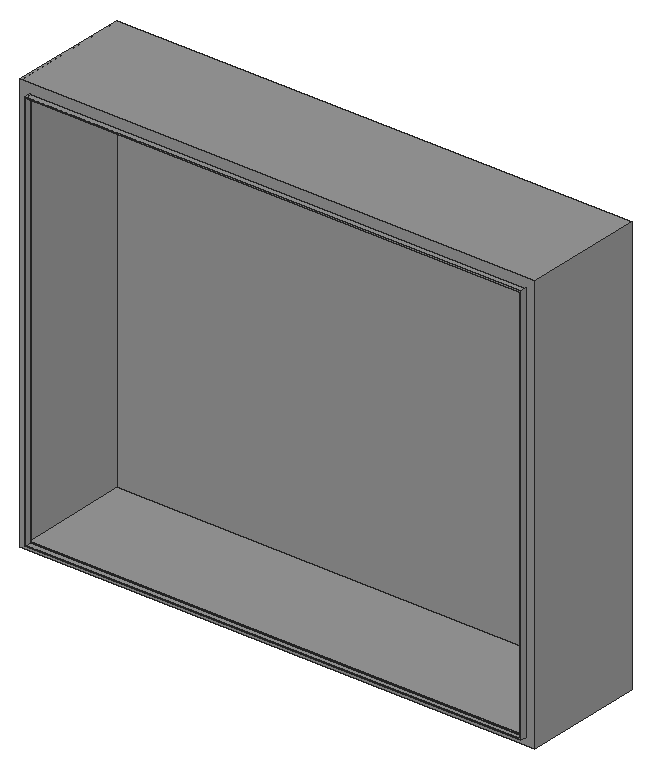
Revit family "Hager-Univers-IP30-D205-H650-Cl.II-Encl-NoHosted-NL-en", category Equipement électrique, Revit 2020
Family settings
  Configuration du panneau = Deux colonnes, circuits au sein
  Cote de connecteur circulaire = Utiliser le diamètre
  Type d'élément = Tableau de raccordement
  Basée sur le plan de construction = Oui
  Toujours verticalement = Oui
  Couper avec des vides une fois chargée = Non
  Partagée = Non
  Point de calcul de pièce = Non
Parameters (values of type "Surface mounted (plaster) IP30 W800 H650 D205  - FP43Q1S")
  Width Control [instance] = if([EF000008 - Width] > Min Width, [EF000008 - Width], Min Width)  # 800 mm
  Commentaires du type = [HG000003 - Range]  # "Univers"
  Thickness Door [instance] = if([EF009171 - Material plate thickness door/cover] > 3 mm, 3 mm, [EF009171 - Material plate thickness door/cover])  # 1 mm
  Seal Frame Offset [instance] = 17 mm  # constant formula
  Plinth Visibility [instance] = [HG000027 - Plinth height] > 0 mm  # no
  Min Width [instance] = 100 mm  # constant formula
  Min Depth [instance] = (2 * [EF009170 - Material plate thickness cabinet]) + 1 mm  # 3 mm
  Min Height [instance] = 100 mm  # constant formula
  Internal Frame Depth [instance] = (Door System Depth * 0.5)  # 9 mm
  Panel Name [instance] = ""  # (empty or 0)
  Model = ""
  HG000027 - Plinth height = 0 mm
  HG000026 - Floor standing = no
  HG000024 - Bottom section height = 600 mm
  HG000023 - Double section enclosure = no
  HG000016 - Door 3d visibility [instance] = yes
  HG000015 - Clearance visibility [instance] = no
  HG000014 - Door on the right [instance] = yes
  HG000013 - Door on the left [instance] = not([HG000014 - Door on the right])  # no
  HG000012 - Door swing angle [instance] = 30.00°
  HG000010 - Asymmetric doors = no
  HG000009 - Double swing door = no
  HG000006 - Flush mounted = no
  HG000004 - Manufacturer reference = "FP43Q1S"
  HG000003 - Range = "Univers"
  HG000002 - With door or cover = no
  Frame Offset Bottom [instance] = 10 mm  # constant formula
  Frame Offset [instance] = 15 mm  # constant formula
  EF015940 - Cover with overpressure release = no
  EF011959 - Degree of protection (NEMA) = ""
  EF009554 - Number of openings for flange plates = 6
  EF009212 - Cover model = "EV009916 - With notch"
  EF009171 - Material plate thickness door/cover = 1 mm
  EF009170 - Material plate thickness cabinet = 1 mm
  EF008873 - Nominal current (In) = 250 A
  EF007800 - Suitable for lightning protection = no
  EF006306 - With lock = no
  EF006244 - Transparent cover/door = no
  EF005474 - Degree of protection (IP) = "EV006410 - IP30"
  EF004464 - Type of door = "EV000494 - None"
  EF004427 - Number of modules = 144
  EF004293 - Impact strength = "EV006813 - IK07"
  EF003532 - Suitable for outdoor use = no
  EF002950 - Width in number of modular spacings = 36
  EF001613 - Circuit integrity = "EV000494 - None"
  EF001596 - Material housing = "EV000179 - Steel"
  EF001131 - Internal depth = 130 mm
  EF001088 - Extension possible = yes
  EF000437 - Number of conduit inlets = 6
  EF000339 - Type of cover = "EV000494 - None"
  EF000266 - Number of rows = 4
  EF000218 - Built-in depth = 0 mm
  EF000118 - With mounting plate = no
  EF000116 - RAL-number = "9010"
  EF000049 - Depth = 205 mm
  EF000040 - Height = 650 mm
  EF000008 - Width = 800 mm
  EF000007 - Colour = "EV000202 - White"
  EF000003 - Mounting method = "EV000384 - Surface mounted (plaster)"
  Door System Leaf Tolerance [instance] = 1.5 mm  # constant formula
  Door System Depth [instance] = 18 mm  # constant formula
  Door Height [instance] = Height Control - [HG000027 - Plinth height]  # 650 mm
  Description = ""
  Default Elevation = 1219.2 mm
  Connector Offset [instance] = Height Control / 2  # 325 mm
  Fabricant = "Hager"  # constant formula
  Height Control [instance] = if([EF000040 - Height] > Min Height, [EF000040 - Height], Min Height)  # 650 mm
  Depth Control [instance] = if([EF000049 - Depth] > Min Depth, [EF000049 - Depth], Min Depth)  # 205 mm
  Bottom Top Plate Trim [instance] = 1.5 mm  # constant formula
  Plinth height Ctrl [instance] = if([HG000027 - Plinth height] > 0 mm, [HG000027 - Plinth height], 12 mm)  # 12 mm
Types (5, lengths in mm): name | Width Control | HG000004 - Manufacturer reference | EF009554 - Number of openings for flange plates | EF004427 - Number of modules | EF002950 - Width in number of modular spacings | EF000437 - Number of conduit inlets | EF000008 - Width
  Surface mounted (plaster) IP30 W1050 H650 D205  - FP44Q1S | 1050 | "FP44Q1S" | 8 | 192 | 48 | 8 | 1050
  Surface mounted (plaster) IP30 W1300 H650 D205  - FP45Q1S | 1300 | "FP45Q1S" | 10 | 240 | 60 | 10 | 1300
  Surface mounted (plaster) IP30 W300 H650 D205  - FP41Q1S | 300 | "FP41Q1S" | 2 | 48 | 12 | 2 | 300
  Surface mounted (plaster) IP30 W550 H650 D205  - FP42Q1S | 550 | "FP42Q1S" | 4 | 96 | 24 | 4 | 550
  Surface mounted (plaster) IP30 W800 H650 D205  - FP43Q1S | 800 | "FP43Q1S" | 6 | 144 | 36 | 6 | 800
Reference planes
  plane 1 "Center (Front/Back)": y = 0
  plane 2: z = 0
  plane 3 "Center (Left/Right)": x = 0
  plane 4: y = 0
  plane 5: y = 0
  plane 6: z = 0
  plane 7: x = -400
  plane 8: x = 400
  plane 9: x = 399
  plane 10: x = -399
  plane 11: z = 0
  plane 12: z = 1
  plane 13: y = -205
  plane 14: y = -1
  plane 15: x = 0
  plane 16: y = -187
  plane 17: y = -204
  plane 18: y = -186
  plane 19: x = -384
  plane 20: x = 384
  plane 21: z = 11
  plane 22: x = -383
  plane 23: x = 383
  plane 24: z = 0
  plane 25: z = 650
  plane 26: z = 650
  plane 27: z = 634
  plane 28: z = 649
Forms (mm)
  Extrusion 1, solid, material "Hager_Steel_RAL7035_Light_Grey", detail levels medium+fine
    sketch origin (-208.679, -4572, 0) x (-1, 0, 0) y (0, -1, 0)
      loop
        line (191.321, -4385) -> (-608.679, -4385) -> (-608.679, -4572) -> (191.321, -4572) -> (191.321, -4385)
    from 0 to 650
  Extrusion 2, void
    sketch origin (-350.771, -205, 1219.2) x (1, 0, 0) y (0, 0, 1)
      loop
        line (-48.229, -570.2) -> (-48.229, -1218.2) -> (749.771, -1218.2) -> (749.771, -570.2) -> (-48.229, -570.2)
    from -19 to -204
  Extrusion 3, void
    sketch origin (-290.084, -187, 1219.2) x (1, 0, 0) y (0, 0, 1)
      loop
        line (-93.916, -1208.2) -> (674.084, -1208.2) -> (674.084, -585.2) -> (-93.916, -585.2) -> (-93.916, -1208.2)
    from 0 to -1
  Extrusion 4, solid, material "Hager_Steel_RAL7035_Light_Grey", visible <- "Plinth Visibility", detail levels medium+fine
    sketch origin (0, 0, 0) x (1, 0, 0) y (0, 1, 0)
      loop
        line (-400, 0) -> (-400, -187) -> (400, -187) -> (400, 0) -> (-400, 0)
    from 0 to 12 <- "Plinth height Ctrl"
  Extrusion 5, solid, material "Hager_Steel_RAL7035_Light_Grey", detail levels coarse
    sketch origin (0, 0, 0) x (1, 0, 0) y (0, 1, 0)
      loop
        line (-400, 0) -> (-400, -205) -> (400, -205) -> (400, 0) -> (-400, 0)
    from 0 to 650 <- "Height Control"
  Sweep 6, void
    path in 3D
      loop
        line (-400, -187, 12) -> (400, -187, 12) -> (400, 0, 12) -> (-400, 0, 12) -> (-400, -187, 12)
    profile origin (-400, -93.5, 12) x (1, 0, 0) y (0, 0, 1)
      loop
        line (0, 0) -> (0, -1.5) -> (1.5, -1.5)
        arc (1.5, -1.5) -> (1.061, -0.439) -> (0, 0) r 1.5
  Extrusion 7, solid, material "Hager_Steel_RAL7035_Light_Grey", detail levels fine
    sketch origin (-400, -187, 0) x (1, 0, 0) y (0, 0, 1)
      loop
        line (16, 11) -> (784, 11) -> (784, 634) -> (16, 634) -> (16, 11)
      loop
        line (15, 10) -> (785, 10) -> (785, 635) -> (15, 635) -> (15, 10)
    from 0 to 9 <- "Internal Frame Depth"
Cuts and joins
  Extrusion 2, Extrusion 3 cuts Extrusion 1
  Sweep 6 cuts Extrusion 4
Lines and regions (mm)
  Masking region 1
    outline origin (0, 0, 0) x (1, 0, 0) y (0, 1, 0)
      loop
        line (-400, 0) -> (-400, -205) -> (400, -205) -> (400, 0) -> (-400, 0)
  Masking region 2, detail levels coarse
    outline origin (-290.084, -187, 1219.2) x (-1, 0, 0) y (0, 0, 1)
      loop
        line (-690.084, -1219.2) -> (109.916, -1219.2) -> (109.916, -569.2) -> (-690.084, -569.2) -> (-690.084, -1219.2)
  Masking region 3, detail levels coarse
    outline origin (0, 0, 0) x (0, 1, 0) y (0, 0, 1)
      loop
        line (0, 0) -> (0, 650) -> (-205, 650) -> (-205, 0) -> (0, 0)
  Masking region 4, visible <- "Plinth Visibility", detail levels medium+fine
    outline origin (0, 0, 0) x (0, 1, 0) y (0, 0, 1)
      loop
        line (-1.5, 12) -> (-185.5, 12)
        arc (-185.5, 12) -> (-185.939, 10.939) -> (-187, 10.5) r 1.5
        line (-187, 10.5) -> (-187, 0) -> (0, 0) -> (0, 10.5)
        arc (0, 10.5) -> (-1.061, 10.939) -> (-1.5, 12) r 1.5
  Masking region 5, detail levels medium+fine
    outline origin (0, 0, 594.038) x (0, 1, 0) y (0, 0, 1)
      loop
        line (0, -594.038) -> (0, 55.962) -> (-187, 55.962) -> (-187, -594.038) -> (0, -594.038)
  Masking region 6, detail levels medium+fine
    outline origin (-359.7, -187, 1211.883) x (-1, 0, 0) y (0, 0, 1)
      loop
        line (-759.7, -1211.883) -> (40.3, -1211.883) -> (40.3, -561.883) -> (-759.7, -561.883) -> (-759.7, -1211.883)
  Masking region 7, visible <- "Plinth Visibility", detail levels medium+fine
    outline origin (-320.334, -187, 1041.368) x (-1, 0, 0) y (0, 0, 1)
      loop
        line (-720.334, -1041.368) -> (79.666, -1041.368) -> (79.666, -1030.868)
        arc (79.666, -1030.868) -> (78.606, -1030.429) -> (78.166, -1029.368) r 1.5
        line (78.166, -1029.368) -> (-718.834, -1029.368)
        arc (-718.834, -1029.368) -> (-719.273, -1030.429) -> (-720.334, -1030.868) r 1.5
        line (-720.334, -1030.868) -> (-720.334, -1041.368)
  sketch lines
    curve 1: line (-400, 0, 12) -> (-400, -187, 12)
    curve 2: line (-400, -187, 12) -> (400, -187, 12)
    curve 3: line (400, 0, 12) -> (-400, 0, 12)
    curve 4: line (400, -187, 12) -> (400, 0, 12)
Dimensions and locks
  locked: plane 1 "Center (Front/Back)" to plane 5
  "EF009170 - Material plate thickness cabinet": plane 7 to plane 10
  "EF009170 - Material plate thickness cabinet": plane 8 to plane 9
  equal spacing: plane 7, plane 3 "Center (Left/Right)", plane 8
  "Width Control": plane 7 to plane 8
  "Depth Control": plane 4 to plane 13
  "EF009170 - Material plate thickness cabinet": plane 4 to plane 14
  "Height Control": plane 25 to level
  "HG000027 - Plinth height": plane 11 to level
  "EF009170 - Material plate thickness cabinet": plane 12 to plane 11
  "EF009170 - Material plate thickness cabinet": plane 17 to plane 13
  "EF009170 - Material plate thickness cabinet": plane 18 to plane 16
  "Frame Offset Bottom": plane 21 to plane 12
  "Frame Offset": plane 10 to plane 19
  "Frame Offset": plane 9 to plane 20
  "Door System Depth": plane 16 to plane 13
  "Seal Frame Offset": plane 7 to plane 22
  "Seal Frame Offset": plane 8 to plane 23
  "EF009170 - Material plate thickness cabinet": plane 26 to plane 28
  "Frame Offset": plane 28 to plane 27
  "Connector Offset": plane 2 to connector elem
  "Bottom Top Plate Trim": profile plane to Sweep 6 sketch curve
  "Bottom Top Plate Trim": Sweep 6 sketch curve to Sweep 6 sketch curve
  "Plinth height Ctrl": Masking region 4 sketch curve to level
  "Plinth height Ctrl": Masking region 7 sketch curve to level
  "Thickness Door": Extrusion 7 sketch curve to Extrusion 7 sketch curve  (x4)
  "Bottom Top Plate Trim": radius of Sweep 6 sketch curve
  "Bottom Top Plate Trim": radius of Masking region 4 sketch curve  (x2)
  "Bottom Top Plate Trim": radius of Masking region 7 sketch curve  (x2)
  aligned and locked: Extrusion 2 sketch curve to plane 12
  aligned and locked: Extrusion 2 sketch curve to plane 9
  aligned and locked: Extrusion 2 sketch curve to plane 10
  aligned and locked: Extrusion 2 to plane 14
  aligned and locked: Extrusion 1 sketch curve to plane 4
  aligned and locked: plane 8 to Extrusion 1 sketch curve
  aligned and locked: plane 7 to Extrusion 1 sketch curve
  aligned and locked: Extrusion 2 to plane 18
  aligned and locked: Extrusion 3 sketch curve to plane 19
  aligned and locked: plane 20 to Extrusion 3 sketch curve
  aligned and locked: Extrusion 3 to Extrusion 2
  aligned and locked: Extrusion 3 sketch curve to plane 21
  aligned and locked: plane 3 "Center (Left/Right)" to nested 1
  aligned and locked: Extrusion 1 sketch curve to plane 16
  aligned and locked: Extrusion 4 sketch curve to cut or joined group of Extrusion 1, Extrusion 2, Extrusion 3
  aligned and locked: Masking region 1 sketch curve to plane 7
  aligned and locked: Masking region 1 sketch curve to plane 5
  aligned and locked: Masking region 1 sketch curve to plane 8
  aligned and locked: Masking region 2 sketch curve to level
  aligned and locked: level to Masking region 3 sketch curve
  aligned and locked: plane 1 "Center (Front/Back)" to Masking region 3 sketch curve
  aligned and locked: plane 13 to Masking region 3 sketch curve
  aligned and locked: plane 5 to Masking region 4 sketch curve
  aligned and locked: Masking region 2 sketch curve to plane 8
  aligned and locked: Masking region 2 sketch curve to plane 7
  aligned and locked: plane 7 to nested 2
  aligned and locked: nested 2 to plane 5
  aligned and locked: plane 5 to Masking region 5 sketch curve
  aligned and locked: plane 26 to Masking region 5 sketch curve
  aligned and locked: Extrusion 5 sketch curve to plane 8
  aligned and locked: Extrusion 5 sketch curve to plane 7
  aligned and locked: Extrusion 5 sketch curve to plane 5
  aligned and locked: Extrusion 3 sketch curve to plane 27
  aligned and locked: Extrusion 2 sketch curve to plane 28
  aligned and locked: Masking region 2 to plane 25
  aligned and locked: Extrusion 4 to plane 16
  aligned and locked: profile plane to Sweep 6 sketch curve
  aligned and locked: Masking region 5 sketch curve to plane 24
  aligned and locked: level to Masking region 4 sketch curve
  aligned and locked: Masking region 1 to plane 13
  aligned and locked: nested 1 to plane 16
  aligned and locked: Masking region 3 to plane 25
  aligned and locked: plane 16 to Masking region 4 sketch curve
  aligned and locked: Masking region 5 sketch curve to plane 16
  aligned and locked: plane 24 to plane 11
  aligned and locked: plane 26 to plane 25
  aligned and locked: plane 26 to cut or joined group of Extrusion 1, Extrusion 2, Extrusion 3
  aligned and locked: nested 1 to plane 24
  aligned and locked: Extrusion 1 to Extrusion 3
  aligned and locked: Masking region 6 sketch curve to plane 8
  aligned and locked: Masking region 6 sketch curve to plane 24
  aligned and locked: Masking region 6 sketch curve to plane 7
  aligned and locked: Masking region 6 sketch curve to plane 26
  aligned and locked: Masking region 7 sketch curve to plane 7
  aligned and locked: level to Masking region 7 sketch curve
  aligned and locked: Masking region 7 sketch curve to plane 8
  aligned and locked: Extrusion 7 sketch curve to cut or joined group of Extrusion 1, Extrusion 2, Extrusion 3  (x4)
Automatic sketch dimensions
  plane 19 to Extrusion 3 sketch curve = 0 mm
  Extrusion 3 sketch curve to plane 20 = 0 mm
  Extrusion 3 sketch curve to plane 21 = 0 mm
  Extrusion 4 sketch curve to plane 7 = 0 mm
  Extrusion 4 sketch curve to plane 8 = 0 mm
  Extrusion 4 sketch curve to plane 16 = 0 mm
  Masking region 1 sketch curve to plane 13 = 0 mm
  Masking region 2 sketch curve to plane 25 = 0 mm
  Masking region 3 sketch curve to plane 25 = 0 mm
  Extrusion 5 sketch curve to plane 13 = 0 mm
  profile plane to Sweep 6 sketch curve = 0 mm
Nested families
  nested 1: "EC000058_Univers_Door" at (0, -187, 0), Double <- "HG000009 - Double swing door", Transparent <- "EF006244 - Transparent cover/door", Angle <- "HG000012 - Door swing angle", Door_Right <- "HG000014 - Door on the right", Assymetrical <- "HG000010 - Asymmetric doors", Door <- "HG000002 - With door or cover", Width_Ctrl <- "Width Control", 3d_Door <- "HG000016 - Door 3d visibility", Clearance <- "HG000015 - Clearance visibility", Door_Left <- "HG000013 - Door on the left", Width <- "Width Control", Door_Depth <- "Door System Depth", Leaf_Tolerance <- "Door System Leaf Tolerance", Height <- "Door Height", Lock_Visibility <- "EF006306 - With lock", Thickness <- "Thickness Door", type "EC000058_Univers_Door", detail levels medium+fine
    with min_wh 3 mm, Width_Ctrl 800 mm, Width 800 mm, Transparent no, Thickness 1 mm, Seal_Material Hager_Rubber, Lock_Visibility no, Lock_Material Hager_Plastic_RAL9005_Jet_Black, Leaf_Width 800 mm, Leaf_Tolerance_External_Sides 0 mm, Leaf_Tolerance 1.5 mm, Leaf_Offset 0 mm, Leaf_Height 647 mm, Leaf_2_Width 800 mm, Leaf_2_Offset 400 mm, Leaf_1_Width 800 mm, Leaf_1_Offset 400 mm, Height_Ctrl 650 mm, Height 650 mm, Glass_Material Hager_Glass, Double_Clearance_Ctrl no, Double no, Door_Right_Ctrl no, Door_Right yes, Door_Material Hager_Steel_RAL7035_Light_Grey, Door_Left_Ctrl no, Door_Left no, Door_Depth 18 mm, Door no, Clearance_Material Hager_Clearance, Clearance_Depth 800 mm, Clearance_Ctrl no, Clearance no, Assymetrical no, Angle 30.00°, 3d_Door yes
  nested 2: "Hager_Enclosure_Symbol" at (-400, 0, 0), Height <- "Depth Control", Width <- "Width Control", type "Hager_Enclosure_Symbol"
    with Width_Ctrl 800 mm, Width 800 mm, Height_Ctrl 205 mm, Height 205 mm, A_Width_Int 13.453 mm, A_Width 161.438 mm, A_Height_Ctrl 179.375 mm, A_Height 179.375 mm
Connectors
  electrical at (0, 0, 325)
    settings: on plane 1 "Center (Front/Back)", index 1, voltage 0 V, apparent load 0 VA, apparent load phase1 0 VA, apparent load phase2 0 VA, apparent load phase3 0 VA, power factor 1, load classification "Other", number of poles 1, system type 30, power factor state 1, is connector primary yes, connector utility no, sub classification motor no, connector description ""
Definition of nested family "EC000058_Univers_Door"
  Parameters (values of type "EC000058_Univers_Door")
    min_wh [instance] = (2 * Thickness) + 1 mm  # 11 mm
    Width_Ctrl [instance] = 400 mm
    Width [instance] = 500 mm
    Transparent [instance] = yes
    Thickness [instance] = 5 mm
    Seal_Material [instance] = none
    Lock_Visibility [instance] = yes
    Lock_Material [instance] = none
    Leaf_Width [instance] = if((Width_Ctrl - 2 * Leaf_Tolerance_External_Sides) > 0 mm, (Width_Ctrl - 2 * Leaf_Tolerance_External_Sides), min_wh)  # 400 mm
    Leaf_Tolerance_External_Sides [instance] = 0 mm  # constant formula
    Leaf_Tolerance [instance] = 1.5 mm
    Leaf_Offset [instance] = 0 mm  # constant formula
    Leaf_Height [instance] = if((Height_Ctrl - 2 * Leaf_Tolerance) > 0 mm, (Height_Ctrl - 2 * Leaf_Tolerance), min_wh)  # 497 mm
    Leaf_2_Width [instance] = if(and(and(Double, Assymetrical), Door_Left), (Leaf_Width / 3) - (Leaf_Tolerance / 2), if(and(and(Double, Assymetrical), Door_Right), (Leaf_Width / 3) * 2 - (Leaf_Tolerance / 2), if(and(Double, not(Assymetrical)), (Leaf_Width / 2) - Leaf_Tolerance, Leaf_Width)))  # 400 mm
    Leaf_2_Offset [instance] = if(and(Double, Assymetrical), Leaf_2_Width / 2, if(and(Double, not(Assymetrical)), Leaf_Width / 4, Leaf_Width / 2))  # 200 mm
    Leaf_1_Width [instance] = if(and(and(Double, Assymetrical), Door_Right), (Leaf_Width / 3) - (Leaf_Tolerance / 2), if(and(and(Double, Assymetrical), Door_Left), (Width / 3) * 2 - (Leaf_Tolerance / 2), if(and(Double, not(Assymetrical)), (Leaf_Width / 2) - Leaf_Tolerance, Leaf_Width)))  # 400 mm
    Leaf_1_Offset [instance] = if(and(Double, Assymetrical), Leaf_1_Width / 2, if(and(Double, not(Assymetrical)), Leaf_Width / 4, Leaf_Width / 2))  # 200 mm
    Height_Ctrl [instance] = if(Height > min_wh, Height, min_wh)  # 500 mm
    Height [instance] = 500 mm
    Glass_Material [instance] = none
    Double_Clearance_Ctrl [instance] = and(Double, Clearance)  # no
    Double [instance] = no
    Door_Right_Ctrl [instance] = and(or(Door_Right, Double), Door)  # yes
    Door_Right [instance] = yes
    Door_Material [instance] = none
    Door_Left_Ctrl [instance] = and(or(Door_Left, Double), Door)  # no
    Door_Left [instance] = no
    Door_Depth [instance] = 30 mm
    Door [instance] = yes
    Default Elevation = 1219.2 mm
    Clearance_Material [instance] = none
    Clearance_Depth [instance] = if(Leaf_1_Width > Leaf_2_Width, Leaf_1_Width, Leaf_2_Width)  # 400 mm
    Clearance_Ctrl [instance] = and(not(Double), Clearance)  # yes
    Clearance [instance] = yes
    Assymetrical [instance] = yes
    Angle [instance] = 30.00°
    3d_Door [instance] = yes
  Reference planes
    plane 1 "Center (Front/Back)": y = 0
    plane 2 "Bottom": z = 0
    plane 3 "Center (Left/Right)": x = 0
    plane 4: z = 500
    plane 5: x = -200
    plane 6: x = 200
    plane 7: z = 500
    plane 8: x = -200
    plane 9: z = 0
    plane 10: x = 200
    plane 11: y = 0
    plane 12: z = 1.5
    plane 13: x = -600
    plane 14: y = -400
    plane 15: x = 600
    plane 16: x = 0
    plane 17: x = 0
    plane 18: x = -200
    plane 19: x = 200
    plane 20: z = 498.5
  Forms (mm)
    Extrusion 1, solid, material <- "Clearance_Material", visible <- "Double_Clearance_Ctrl"
      sketch origin (1200, 0, 0) x (1, 0, 0) y (0, 0, -1)
        loop
          line (-1800, -498.5) -> (-600, -498.5) -> (-600, 0) -> (-1800, 0) -> (-1800, -498.5)
      from 0 to -400
  Dimensions and locks
    equal spacing: plane 5, plane 3 "Center (Left/Right)", plane 6
    "Width_Ctrl": plane 5 to plane 6
    "Leaf_Offset": plane 5 to plane 8
    "Leaf_Offset": plane 6 to plane 10
    "Leaf_Offset": plane 9 to level
    "Leaf_Offset": plane 4 to plane 7
    "Height_Ctrl": plane 4 to level
    "Leaf_Tolerance": plane 12 to plane 9
    locked: plane 11 to plane 1 "Center (Front/Back)"
    "Leaf_1_Offset": plane 18 to plane 16
    "Leaf_2_Offset": plane 17 to plane 19
    "Leaf_1_Width": plane 13 to plane 8
    "Leaf_2_Width": plane 10 to plane 15
    "Clearance_Depth": plane 14 to plane 1 "Center (Front/Back)"
    "Leaf_Tolerance_External_Sides": plane 8 to plane 18
    "Leaf_Tolerance_External_Sides": plane 19 to plane 10
    "Leaf_Tolerance": plane 7 to plane 20
    aligned and locked: level to plane 2 "Bottom"
    aligned and locked: nested 1 to plane 16
    aligned and locked: nested 2 to plane 17
    aligned and locked: Extrusion 1 to plane 13
    aligned and locked: plane 15 to Extrusion 1
    aligned and locked: Extrusion 1 to plane 14
    aligned and locked: plane 12 to nested 1
    aligned and locked: nested 2 to plane 12
    aligned and locked: Extrusion 1 to plane 11
    aligned and locked: plane 20 to Extrusion 1
    aligned and locked: nested 2 to plane 11
    aligned and locked: nested 1 to plane 11
  Automatic sketch dimensions
    Extrusion 1 sketch curve to level = 0 mm
    plane 5 to Extrusion 1 sketch curve = 400 mm
    plane 6 to Extrusion 1 sketch curve = 400 mm
    Extrusion 1 sketch curve to plane 4 = 1.5 mm
  Nested families
    nested 1: "EC000058_Univers_Door_Leaf" at (0, 0, 1.5), Width <- "Leaf_1_Width", visible <- "Door_Left_Ctrl", Leaf_Height <- "Leaf_Height", Angle <- "Angle", 3d_Door <- "3d_Door", Transparent <- "Transparent", Clearance Material <- "Clearance_Material", Clearance <- "Clearance_Ctrl", Door_Material <- "Door_Material", Glass_Material <- "Glass_Material", Door_Depth <- "Door_Depth", Lock_Material <- "Lock_Material", Seal_Material <- "Seal_Material", Lock_Visibility <- "Lock_Visibility", Thickness <- "Thickness", type "EC000058_Univers_Door_Leaf"
      with Width 400 mm, Transparent_Glass_Offset 30 mm, Transparent_Ctrl yes, Transparent yes, Thickness 5 mm, Standard no, Seal_Material none, Seal_D2 8 mm, Seal_D1 1 mm, Offset_Internal_Frame 10 mm, Lock_Width 20 mm, Lock_Visibility_3d yes, Lock_Visibility yes, Lock_Thickness_3 3 mm, Lock_Thickness_2 1 mm, Lock_Thickness_1 3 mm, Lock_Radius_Offset_2 16 mm, Lock_Radius_Offset_1 15 mm, Lock_Radius_2 5 mm, Lock_Radius 6 mm, Lock_Offset 5 mm, Lock_Material none, Lock_Height 80 mm, Lock_Cover_Top_Offset_2d 17 mm, Lock_Cover_Height -65 mm, Leaf_Height 497 mm, Internal_Seal_Thickness 8 mm, Internal_Seal_Depth_2 4.5 mm, Internal_Frame_Depth 25 mm, Glass_Thickness -1 mm, Glass_Offset -2 mm, Glass_Material none, Door_Material none, Door_Depth 30 mm, Clearance Material none, Clearance yes, Angle_Ctrl 30.00°, Angle 30.00°, 3d_Door yes
    nested 2: "EC000058_Univers_Door_Leaf" at (0, 0, 1.5) x (-1, 0, 0) z (0, 0, 1), Width <- "Leaf_2_Width", visible <- "Door_Right_Ctrl", Leaf_Height <- "Leaf_Height", Angle <- "Angle", 3d_Door <- "3d_Door", Transparent <- "Transparent", Clearance Material <- "Clearance_Material", Clearance <- "Clearance_Ctrl", Door_Material <- "Door_Material", Glass_Material <- "Glass_Material", Door_Depth <- "Door_Depth", Lock_Material <- "Lock_Material", Seal_Material <- "Seal_Material", Lock_Visibility <- "Lock_Visibility", Thickness <- "Thickness", type "EC000058_Univers_Door_Leaf"
      with Width 400 mm, Transparent_Glass_Offset 30 mm, Transparent_Ctrl yes, Transparent yes, Thickness 5 mm, Standard no, Seal_Material none, Seal_D2 8 mm, Seal_D1 1 mm, Offset_Internal_Frame 10 mm, Lock_Width 20 mm, Lock_Visibility_3d yes, Lock_Visibility yes, Lock_Thickness_3 3 mm, Lock_Thickness_2 1 mm, Lock_Thickness_1 3 mm, Lock_Radius_Offset_2 16 mm, Lock_Radius_Offset_1 15 mm, Lock_Radius_2 5 mm, Lock_Radius 6 mm, Lock_Offset 5 mm, Lock_Material none, Lock_Height 80 mm, Lock_Cover_Top_Offset_2d 17 mm, Lock_Cover_Height -65 mm, Leaf_Height 497 mm, Internal_Seal_Thickness 8 mm, Internal_Seal_Depth_2 4.5 mm, Internal_Frame_Depth 25 mm, Glass_Thickness -1 mm, Glass_Offset -2 mm, Glass_Material none, Door_Material none, Door_Depth 30 mm, Clearance Material none, Clearance yes, Angle_Ctrl 30.00°, Angle 30.00°, 3d_Door yes
  Definition of nested family "EC000058_Univers_Door_Leaf"
    Parameters (values of type "EC000058_Univers_Door_Leaf")
      Width [instance] = 2000 mm
      Transparent_Glass_Offset [instance] = 30 mm
      Transparent_Ctrl [instance] = and(Transparent, [3d_Door])  # yes
      Transparent [instance] = yes
      Thickness [instance] = 5 mm
      Standard [instance] = and(not(Transparent), [3d_Door])  # no
      Seal_Material [instance] = none
      Seal_D2 [instance] = 8 mm  # constant formula
      Seal_D1 [instance] = 1 mm  # constant formula
      Offset_Internal_Frame [instance] = 10 mm  # constant formula
      Lock_Width [instance] = 20 mm  # constant formula
      Lock_Visibility_3d [instance] = and(Lock_Visibility, [3d_Door])  # yes
      Lock_Visibility [instance] = yes
      Lock_Thickness_3 [instance] = 3 mm  # constant formula
      Lock_Thickness_2 [instance] = 1 mm  # constant formula
      Lock_Thickness_1 [instance] = 3 mm  # constant formula
      Lock_Radius_Offset_2 [instance] = Lock_Radius_Offset_1 + 1 mm  # 16 mm
      Lock_Radius_Offset_1 [instance] = 15 mm  # constant formula
      Lock_Radius_2 [instance] = Lock_Radius - 1 mm  # 5 mm
      Lock_Radius [instance] = 6 mm  # constant formula
      Lock_Offset [instance] = 5 mm  # constant formula
      Lock_Material [instance] = none
      Lock_Height [instance] = 80 mm  # constant formula
      Lock_Cover_Top_Offset_2d [instance] = Lock_Radius_Offset_2 + 1 mm  # 17 mm
      Lock_Cover_Height [instance] = -(Lock_Height - Lock_Radius_Offset_1)  # -65 mm
      Leaf_Height [instance] = 2720.336 mm
      Internal_Seal_Thickness [instance] = 8 mm  # constant formula
      Internal_Seal_Depth_2 [instance] = 4.5 mm  # constant formula
      Internal_Frame_Depth [instance] = if(Door_Depth - Thickness > 5 mm, Door_Depth - Thickness, 5 mm)  # 25 mm
      Glass_Thickness [instance] = if(Thickness > 15 mm, Glass_Offset + 10 mm, -1 mm)  # -1 mm
      Glass_Offset [instance] = if(Thickness > 15 mm, -(Thickness + 10 mm) / 2, -2 mm)  # -2 mm
      Glass_Material [instance] = none
      Door_Material [instance] = none
      Door_Depth [instance] = 30 mm
      Default Elevation = 0 mm
      Clearance Material [instance] = none
      Clearance [instance] = yes
      Angle_Ctrl [instance] = if(Angle > 180.00°, 180.00°, Angle)  # 90.00°
      Angle [instance] = 90.00°
      3d_Door [instance] = yes
    Reference planes
      plane 1 "Center (Front/Back)": y = 0
      plane 2: z = 0
      plane 3 "Center (Left/Right)": x = 0
      plane 4: y = 2000
      plane 5: x = -1000
      plane 6: x = 1000
      plane 7: x = -3000
      plane 8: z = 2720.336
      plane 9: z = 30
      plane 10: z = 2690.336
      plane 11: x = 970
      plane 12: x = -970
      plane 13: y = -3
      plane 14: z = 107.833
      plane 15: y = -5
      plane 16: y = -223.314
      plane 17: x = -1000
      plane 18: z = 1360.168
      plane 19: y = 30
    Forms (mm)
      Extrusion 1, solid, material <- "Clearance Material", visible <- "Clearance"
        sketch origin (0, 0, 0) x (1, 0, 0) y (0, 0, 1)
          loop
            line (-3000, 2720.336) -> (-3000, 0) -> (1000, 0) -> (1000, 2720.336) -> (-3000, 2720.336)
        from 0 to -2000
      Extrusion 2, solid, material <- "Door_Material", visible <- "Standard", detail levels medium+fine
        sketch origin (-1000, 0, 0) x (0, 1, 0) y (-1, 0, 0)
          loop
            line (0, 30) -> (0, 25) -> (2000, 25) -> (2000, 30) -> (0, 30)
        from 0 to 2720.336 <- "Leaf_Height"
      Extrusion 3, solid, material <- "Door_Material", visible <- "Transparent_Ctrl", detail levels medium+fine
        sketch origin (-1000, 0, 0) x (0, 1, 0) y (-1, 0, 0)
          loop
            line (0, 25) -> (2000, 25) -> (2000, 30) -> (0, 30) -> (0, 25)
        from 0 to 2720.336 <- "Leaf_Height"
      Extrusion 4, void
        sketch origin (-1025, 2000, 0) x (0, 1, 0) y (0, 0, -1)
          loop
            line (-30, -2690.336) -> (-30, -30) -> (-1970, -30) -> (-1970, -2690.336) -> (-30, -2690.336)
        from 0 to 5 <- "Thickness"
      Sweep 5, solid, material <- "Seal_Material", visible <- "Transparent_Ctrl", detail levels fine
        path in 3D
          loop
            line (-1025, 30, 30) -> (-1025, 30, 2690.336) -> (-1025, 1970, 2690.336) -> (-1025, 1970, 30) -> (-1025, 30, 30)
        profile origin (-1025, 1000, 30) x (1, 0, 0) y (0, 0, 1)
          loop
            line (0, 0) -> (0, -8) -> (1, -8) -> (1, 0) -> (0, 0)
      Extrusion 6, solid, material <- "Glass_Material", visible <- "Transparent_Ctrl", detail levels medium+fine
        sketch origin (-1030, 0, 0) x (0, 1, 0) y (0, 0, -1)
          loop
            line (1970, -2690.336) -> (1970, -30) -> (30, -30) -> (30, -2690.336) -> (1970, -2690.336)
        from -2 <- "Glass_Offset" to -1 <- "Glass_Thickness"
      Extrusion 7, solid, material <- "Door_Material", visible <- "3d_Door", detail levels medium+fine
        sketch origin (-1025, 2000, 0) x (0, -1, 0) y (0, 0, -1)
          loop
            line (0, -2720.336) -> (2000, -2720.336) -> (2000, 0) -> (0, 0) -> (0, -2720.336)
          loop
            line (1995, -5) -> (5, -5) -> (5, -2715.336) -> (1995, -2715.336) -> (1995, -5)
        from 0 to 25 <- "Internal_Frame_Depth"
      Sweep 8, solid, material <- "Seal_Material", visible <- "Transparent_Ctrl", detail levels fine
        path in 3D
          loop
            line (-1025, 0, 0) -> (-1025, 2000, 0) -> (-1025, 2000, 2720.336) -> (-1025, 0, 2720.336) -> (-1025, 0, 0)
        profile origin (-1025, 0, 1360.168) x (1, 0, 0) y (0, 1, 0)
          loop
            line (0, 10) -> (2.975, 10)
            arc (2.975, 10) -> (4.053, 10.447) -> (4.5, 11.525) r 1.525
            line (4.5, 11.525) -> (4.5, 16.527)
            arc (4.5, 16.527) -> (4.069, 17.569) -> (3.027, 18) r 1.473
            line (3.027, 18) -> (0, 18) -> (0, 10)
      Extrusion 9, solid, material <- "Lock_Material", visible <- "Lock_Visibility_3d", detail levels fine
        sketch origin (-1030, 0, 0) x (0, 1, 0) y (0, 0, -1)
          loop
            arc (1993.5, -1400.168) -> (1994.561, -1399.729) -> (1995, -1398.668) r 1.5
            line (1995, -1398.668) -> (1995, -1320.168) -> (1975, -1320.168) -> (1975, -1398.668)
            arc (1975, -1398.668) -> (1975.439, -1399.729) -> (1976.5, -1400.168) r 1.5
            line (1976.5, -1400.168) -> (1993.5, -1400.168)
        from 3 <- "Lock_Thickness_1" to 0
      Blend 10, solid, material <- "Lock_Material", visible <- "Lock_Visibility_3d", detail levels fine
        base sketch origin (-1033, 0, 0) x (0, 1, 0) y (0, 0, -1)
          loop
            line (1975, -1320.168) -> (1975, -1398.668)
            arc (1975, -1398.668) -> (1975.439, -1399.729) -> (1976.5, -1400.168) r 1.5
            line (1976.5, -1400.168) -> (1993.5, -1400.168)
            arc (1993.5, -1400.168) -> (1994.561, -1399.729) -> (1995, -1398.668) r 1.5
            line (1995, -1398.668) -> (1995, -1320.168) -> (1975, -1320.168)
        top sketch origin (-1033, 0, 0) x (0, 1, 0) y (0, 0, -1)
          loop
            line (1976, -1320.168) -> (1976, -1398.668)
            arc (1976, -1398.668) -> (1976.146, -1399.022) -> (1976.5, -1399.168) r 0.5
            line (1976.5, -1399.168) -> (1993.5, -1399.168)
            arc (1993.5, -1399.168) -> (1993.854, -1399.022) -> (1994, -1398.668) r 0.5
            line (1994, -1398.668) -> (1994, -1320.168) -> (1976, -1320.168)
        from 0 to 1 <- "Lock_Thickness_2"
      Blend 11, solid, material <- "Lock_Material", visible <- "Lock_Visibility_3d", detail levels fine
        base sketch origin (-1034, 0, 0) x (0, 1, 0) y (0, 0, -1)
          loop
            line (1978, -1320.168) -> (1978, -1384.168)
            arc (1978, -1384.168) -> (1985, -1391.168) -> (1992, -1384.168) r 7
            line (1992, -1384.168) -> (1992, -1320.168) -> (1978, -1320.168)
        top sketch origin (-1034, 0, 0) x (0, 1, 0) y (0, 0, -1)
          loop
            line (1991, -1320.168) -> (1979, -1320.168) -> (1979, -1383.168)
            arc (1979, -1383.168) -> (1985, -1389.168) -> (1991, -1383.168) r 6
            line (1991, -1383.168) -> (1991, -1320.168)
        from 0 to 3 <- "Lock_Thickness_3"
      Extrusion 12, solid, material <- "Lock_Material", visible <- "Lock_Visibility_3d", detail levels fine
        sketch origin (-1030, 1975, 1320.168) x (1, 0, 0) y (0, -1, 0)
          loop
            line (-7, -19) -> (-7, -1) -> (0, -1) -> (0, 0) -> (-8, 0) -> (-8, -20) -> (0, -20) -> (0, -19) -> (-7, -19)
        from 0 to -65 <- "Lock_Cover_Height"
      Extrusion 13, void
        sketch origin (-1038, 1995, 1320.168) x (-1, 0, 0) y (0, 0, -1)
          loop
            line (-5, -65) -> (0, -65) -> (-5, -60) -> (-5, -65)
        from 0 to 20 <- "Lock_Width"
      Extrusion 14, void
        sketch origin (-1038, 1975, 1320.168) x (0, -1, 0) y (0, 0, -1)
          loop
            circle (-10, -15.995) r 6
          loop
            circle (-10, -15.995) r 5
        from 0 to 2
      Extrusion 15, solid, material <- "Lock_Material", visible <- "Lock_Visibility_3d", detail levels medium
        sketch origin (-1030, 0, 0) x (0, 1, 0) y (0, 0, -1)
          loop
            arc (1993.5, -1400.168) -> (1994.561, -1399.729) -> (1995, -1398.668) r 1.5
            line (1995, -1398.668) -> (1995, -1320.168) -> (1975, -1320.168) -> (1975, -1398.668)
            arc (1975, -1398.668) -> (1975.439, -1399.729) -> (1976.5, -1400.168) r 1.5
            line (1976.5, -1400.168) -> (1993.5, -1400.168)
        from 8 to 0
    Cuts and joins
      Extrusion 4 cuts Extrusion 3
      Extrusion 13, Extrusion 14 cuts Extrusion 9
      Extrusion 14 cuts Blend 11
      Extrusion 13, Extrusion 14 cuts Extrusion 12
      joined: Extrusion 9, Blend 10, Blend 11, Extrusion 12
      Extrusion 14 cuts Extrusion 15
    Lines and regions (mm)
      Masking region 1, visible <- "Lock_Visibility", detail levels fine
        outline origin (0, 0, 0) x (0, 1, 0) y (0, 0, 1)
          loop
            line (30, 1320.168) -> (33, 1320.168) -> (33, 1400.168) -> (30, 1400.168) -> (30, 1320.168)
      Masking region 2, visible <- "Lock_Visibility", detail levels fine
        outline origin (0, 3.143, 0) x (0, 1, 0) y (0, 0, 1)
          loop
            line (29.857, 1354.168) -> (30.857, 1354.168) -> (30.857, 1366.168) -> (29.857, 1366.168) -> (29.857, 1354.168)
      Masking region 3, detail levels medium+fine
        outline origin (0, 0, 0) x (0, 1, 0) y (0, 0, 1)
          loop
            line (0, 0) -> (30, 0) -> (30, 2720.336) -> (0, 2720.336) -> (0, 0)
      Masking region 4, detail levels medium+fine
        outline origin (0, 0, 0) x (1, 0, 0) y (0, 0, 1)
          loop
            line (-1000, 2720.336) -> (-1000, 0) -> (1000, 0) -> (1000, 2720.336) -> (-1000, 2720.336)
      Masking region 5, visible <- "Lock_Visibility", detail levels fine
        outline origin (-47.116, 0, 0) x (1, 0, 0) y (0, 0, 1)
          loop
            arc (1024.616, 1399.168) -> (1023.556, 1398.729) -> (1023.116, 1397.668) r 1.5
            line (1023.116, 1397.668) -> (1023.116, 1320.168) -> (1041.116, 1320.168) -> (1041.116, 1397.668)
            arc (1041.116, 1397.668) -> (1040.677, 1398.729) -> (1039.616, 1399.168) r 1.5
            line (1039.616, 1399.168) -> (1024.616, 1399.168)
      Masking region 6, visible <- "Lock_Visibility", detail levels medium+fine
        outline origin (-25, 0, 0) x (1, 0, 0) y (0, 0, 1)
          loop
            arc (1001.5, 1400.168) -> (1000.439, 1399.729) -> (1000, 1398.668) r 1.5
            line (1000, 1398.668) -> (1000, 1320.168) -> (1020, 1320.168) -> (1020, 1398.668)
            arc (1020, 1398.668) -> (1019.561, 1399.729) -> (1018.5, 1400.168) r 1.5
            line (1018.5, 1400.168) -> (1001.5, 1400.168)
      Masking region 7, visible <- "Lock_Visibility", detail levels fine
        outline origin (-73.735, 0, 0) x (1, 0, 0) y (0, 0, 1)
          loop
            line (1051.735, 1382.168) -> (1065.735, 1382.168) -> (1065.735, 1384.168)
            arc (1065.735, 1384.168) -> (1058.735, 1391.168) -> (1051.735, 1384.168) r 7
            line (1051.735, 1384.168) -> (1051.735, 1382.168)
      Masking region 8, visible <- "Lock_Visibility", detail levels fine
        outline origin (-73.735, 0, 0) x (1, 0, 0) y (0, 0, 1)
          loop
            line (1052.735, 1382.168) -> (1064.735, 1382.168) -> (1064.735, 1383.168)
            arc (1064.735, 1383.168) -> (1058.735, 1389.168) -> (1052.735, 1383.168) r 6
            line (1052.735, 1383.168) -> (1052.735, 1382.168)
      Masking region 9, visible <- "Lock_Visibility", detail levels fine
        outline origin (-25, 0, 0) x (1, 0, 0) y (0, 0, 1)
          loop
            line (1020, 1320.168) -> (1020, 1382.168) -> (1000, 1382.168) -> (1000, 1320.168) -> (1020, 1320.168)
      Masking region 10, detail levels medium+fine
        outline origin (0, 0, 0) x (1, 0, 0) y (0, 0, 1)
          loop
            circle (985, 1335.144) r 6
      Masking region 11, detail levels fine
        outline origin (0, 0, 0) x (1, 0, 0) y (0, 0, 1)
          loop
            circle (985, 1335.144) r 5
      Masking region 12, visible <- "Lock_Visibility", detail levels fine
        outline origin (0, 12.767, 0) x (0, 1, 0) y (0, 0, 1)
          loop
            line (20.233, 1320.168) -> (21.233, 1320.168) -> (21.233, 1399.168) -> (20.233, 1400.168) -> (20.233, 1320.168)
      Masking region 13, visible <- "Lock_Visibility", detail levels fine
        outline origin (0, 13.767, -10) x (0, 1, 0) y (0, 0, 1)
          loop
            line (20.233, 1330.168) -> (23.233, 1330.168) -> (23.233, 1399.168) -> (20.233, 1402.168) -> (20.233, 1330.168)
      Masking region 14, visible <- "Lock_Visibility", detail levels fine
        outline origin (0, 12.767, -10) x (0, 1, 0) y (0, 0, 1)
          loop
            line (20.233, 1330.168) -> (25.233, 1330.168) -> (25.233, 1399.305) -> (20.233, 1394.305) -> (20.233, 1330.168)
      Masking region 15, visible <- "Lock_Visibility", detail levels medium
        outline origin (0, 0, 0) x (0, 1, 0) y (0, 0, 1)
          loop
            line (30, 1320.168) -> (38, 1320.168) -> (38, 1400.168) -> (30, 1400.168) -> (30, 1320.168)
      Masking region 16, visible <- "Lock_Visibility", detail levels fine
        outline origin (-1000, 0, 0) x (0, 1, 0) y (-1, 0, 0)
          loop
            line (1975, 30) -> (1995, 30) -> (1995, 38) -> (1975, 38) -> (1975, 30)
          loop
            line (1979, 37) -> (1976, 37) -> (1976, 34) -> (1978, 34) -> (1979, 37)
          loop
            line (1994, 37) -> (1991, 37) -> (1992, 34) -> (1994, 34) -> (1994, 37)
      Masking region 17, visible <- "Lock_Visibility", detail levels medium
        outline origin (-1000, 0, 0) x (0, 1, 0) y (-1, 0, 0)
          loop
            line (1975, 30) -> (1995, 30) -> (1995, 38) -> (1975, 38) -> (1975, 30)
      symbolic lines
        curve 1: line (1000, 0, 0) -> (-3000, 0, 0)
        curve 2: arc (1000, 0, 0) -> (-1000, 2000, 0) -> (-3000, 0, 0) r 2000
        curve 4: line (-1030, 0, 0) -> (-1030, 2000, 0)
      reference lines
        curve 3: line (-1000, 0, 0) -> (-1000, 2000, 0)
      symbolic lines, detail levels medium+fine
        curve 5: line (-1030, 2000, 0) -> (-1025, 2000, 0)
        curve 7: line (-1025, 0, 0) -> (-1030, 0, 0)
        curve 8: line (-1025, 0, 0) -> (-1000, 0, 0)
        curve 9: line (-1000, 0, 0) -> (-1000, 2000, 0)
        curve 10: line (-1000, 2000, 0) -> (-1025, 2000, 0)
      symbolic lines, detail levels fine
        curve 6: line (-1025, 2000, 0) -> (-1025, 0, 0)
      sketch lines
        curve 11: line (-1025, 0, 2720.336) -> (-1025, 0, 0)
        curve 12: line (-1025, 2000, 0) -> (-1025, 0, 0)
        curve 13: line (-1025, 2000, 2720.336) -> (-1025, 2000, 0)
        curve 14: line (-1025, 0, 2720.336) -> (-1025, 2000, 2720.336)
        curve 15: line (-1025, 1970, 30) -> (-1025, 30, 30)
        curve 16: line (-1025, 30, 30) -> (-1025, 30, 2690.336)
        curve 17: line (-1025, 1970, 2690.336) -> (-1025, 1970, 30)
        curve 18: line (-1025, 30, 2690.336) -> (-1025, 1970, 2690.336)
      symbolic lines, visible <- "Transparent", detail levels medium+fine
        curve 19: line (-970, 0, 2690.336) -> (970, 0, 2690.336)
        curve 20: line (-970, 0, 30) -> (-970, 0, 2690.336)
        curve 21: line (970, 0, 30) -> (-970, 0, 30)
        curve 22: line (970, 0, 2690.336) -> (970, 0, 30)
    Dimensions and locks
      "Width": plane 1 "Center (Front/Back)" to plane 4
      equal spacing: plane 5, plane 3 "Center (Left/Right)", plane 6
      "Width": plane 5 to plane 6
      "Width": plane 7 to plane 5
      "Leaf_Height": plane 8 to level
      "Width": curve 5 to curve 3
      "Width": curve 3 to curve 3
      plane 8 to plane 10 = 30 mm
      plane 9 to level = 30 mm
      plane 12 to plane 5 = 30 mm
      plane 6 to plane 11 = 30 mm
      Extrusion 1 to Extrusion 4 sketch curve = 30 mm
      "Transparent_Glass_Offset": curve 3 to Extrusion 4 sketch curve
      "Transparent_Glass_Offset": Extrusion 4 sketch curve to cut or joined group of Extrusion 3, Extrusion 4  (x2)
      cut or joined group of Extrusion 3, Extrusion 4 to Extrusion 6 sketch curve = 30 mm
      "Transparent_Glass_Offset": cut or joined group of Extrusion 3, Extrusion 4 to Extrusion 4 sketch curve
      "Thickness": curve 6 to curve 4
      "Thickness": Extrusion 7 sketch curve to Extrusion 7 sketch curve  (x4)
      "Door_Depth": curve 4 to curve 3
      "Offset_Internal_Frame": profile plane to Sweep 8 sketch curve
      "Internal_Seal_Thickness": Sweep 8 sketch curve to Sweep 8 sketch curve
      "Internal_Seal_Depth_2": profile plane to Sweep 8 sketch curve
      "Seal_D1": profile plane to Sweep 5 sketch curve
      "Seal_D2": profile plane to Sweep 5 sketch curve
      "Thickness": Extrusion 2 sketch curve to Extrusion 2 sketch curve
      equal spacing: Extrusion 9 sketch curve, plane 18, Extrusion 9 sketch curve  (x2)
      equal spacing: Masking region 1 sketch curve, plane 18, Masking region 1 sketch curve
      "Lock_Height": Masking region 1 sketch curve to Masking region 1 sketch curve
      "Lock_Radius": Masking region 2 sketch curve to plane 18 to Masking region 2 sketch curve
      Masking region 2 sketch curve to Masking region 1 = 1 mm
      "Door_Depth": plane 19 to plane 1 "Center (Front/Back)"
      "Lock_Thickness_1": Masking region 1 sketch curve to plane 19
      "Lock_Width": Extrusion 9 sketch curve to Extrusion 9 sketch curve
      "Lock_Height": Extrusion 9 sketch curve to Extrusion 9 sketch curve
      "Lock_Offset": cut or joined group of Extrusion 3, Extrusion 4 to Extrusion 9 sketch curve
      equal spacing: plane 8, plane 18, level
      "Lock_Radius_Offset_1": Blend 11 sketch curve to Blend 10
      locked: Blend 10 to Blend 11 sketch curve at 2  (x2)
      locked: var sketch to Blend 11 sketch curve at 1  (x2)
      "Lock_Radius_Offset_2": Blend 11 sketch curve to Blend 10
      locked: Extrusion 12 sketch curve to Extrusion 12 sketch curve at 1  (x3)
      Masking region 6 sketch curve to Masking region 6 sketch curve = 80 mm
      "Lock_Height": Masking region 6 sketch curve to Masking region 6 sketch curve
      "Lock_Width": Masking region 6 sketch curve to Masking region 6 sketch curve
      locked: Masking region 6 to Masking region 5 sketch curve at 1  (x3)
      locked: Masking region 5 to Masking region 7 sketch curve at 2  (x2)
      "Lock_Radius_Offset_1": Masking region 5 to Masking region 7 sketch curve
      "Lock_Radius_Offset_2": Masking region 5 to Masking region 8 sketch curve
      locked: Masking region 7 to Masking region 8 sketch curve at 1  (x2)
      "Lock_Cover_Top_Offset_2d": Masking region 5 to Masking region 9 sketch curve
      equal spacing: Masking region 9, Masking region 10 sketch curve, Masking region 9
      equal spacing: Masking region 9, Masking region 11 sketch curve, Masking region 9
      Extrusion 15 sketch curve to Extrusion 15 sketch curve = 80 mm
      "Lock_Width": Extrusion 15 sketch curve to Extrusion 15 sketch curve
      "Lock_Height": Extrusion 15 sketch curve to Extrusion 15 sketch curve
      equal spacing: Extrusion 15 sketch curve, plane 18, Extrusion 15 sketch curve
      "Lock_Thickness_3": Masking region 13 sketch curve to Masking region 13 sketch curve
      "Lock_Height": Masking region 12 sketch curve to Masking region 12 sketch curve
      locked: Masking region 13 sketch curve to Masking region 1 at 8
      locked: Masking region 14 sketch curve to Masking region 13 at 1
      locked: Masking region 14 sketch curve to Masking region 1 at 10.863
      "Lock_Height": Masking region 15 sketch curve to Masking region 15 sketch curve
      "Lock_Offset": Extrusion 15 sketch curve to cut or joined group of Extrusion 3, Extrusion 4
      "Lock_Offset": plane 6 to Masking region 6 sketch curve
      radius of Sweep 8 sketch curve = 1.525 mm
      radius of Sweep 8 sketch curve = 1.473 mm
      radius of Extrusion 9 sketch curve = 1.5 mm  (x2)
      "Lock_Radius": radius of Extrusion 14 sketch curve
      "Lock_Radius_2": radius of Extrusion 14 sketch curve
      "Lock_Radius": radius of Masking region 10 sketch curve
      "Lock_Radius_2": radius of Masking region 11 sketch curve
      radius of Extrusion 15 sketch curve = 1.5 mm  (x2)
      "Angle_Ctrl": angle plane 1 "Center (Front/Back)" to curve 3
      locked: Masking region 12 sketch curve to Masking region 12 sketch curve (angle 45.00°)
      locked: Masking region 13 sketch curve to Masking region 13 sketch curve (angle 45.00°)
      locked: Masking region 14 sketch curve to Masking region 14 sketch curve (angle 45.00°)
      aligned and locked: level to plane 2
      aligned and locked: Extrusion 1 to curve 1
      aligned and locked: plane 6 to Extrusion 1
      aligned and locked: Extrusion 1 to plane 1 "Center (Front/Back)"
      aligned and locked: plane 4 to Extrusion 1
      aligned and locked: plane 8 to Extrusion 1
      aligned and locked: curve 7 to Extrusion 2 sketch curve
      aligned and locked: curve 5 to Extrusion 2 sketch curve
      aligned and locked: curve 7 to Extrusion 3 sketch curve
      aligned and locked: Extrusion 3 sketch curve to curve 4
      aligned and locked: Extrusion 3 sketch curve to curve 6
      aligned and locked: Extrusion 3 sketch curve to curve 5
      aligned and locked: curve 9 to curve 3
      aligned and locked: Extrusion 7 sketch curve to cut or joined group of Extrusion 3, Extrusion 4  (x4)
      aligned and locked: plane 17 to curve 3
      aligned and locked: plane 1 "Center (Front/Back)" to curve 3
      aligned and locked: plane 17 to plane 5
      aligned and locked: Sweep 8 sketch curve to profile plane
      aligned and locked: Sweep 5 sketch curve to profile plane  (x2)
      aligned and locked: Masking region 1 to Masking region 2 sketch curve
      aligned and locked: plane 19 to Masking region 1 sketch curve
      aligned and locked: plane 1 "Center (Front/Back)" to Masking region 3 sketch curve
      aligned and locked: plane 19 to Masking region 3 sketch curve
      aligned and locked: level to Masking region 3 sketch curve
      aligned and locked: Masking region 3 sketch curve to plane 8
      aligned and locked: plane 17 to Masking region 4 sketch curve
      aligned and locked: level to Masking region 4 sketch curve
      aligned and locked: Masking region 4 sketch curve to plane 8
      aligned and locked: plane 12 to curve 20
      aligned and locked: plane 10 to curve 19
      aligned and locked: plane 11 to curve 22
      aligned and locked: curve 21 to plane 9
      aligned and locked: Extrusion 2 sketch curve to cut or joined group of Extrusion 3, Extrusion 4
      aligned and locked: Blend 10 sketch curve to Extrusion 9  (x4)
      aligned and locked: Extrusion 9 to Blend 10 sketch curve
      aligned and locked: Blend 10 to Blend 11 sketch curve
      aligned and locked: Extrusion 12 sketch curve to Blend 11
      aligned and locked: Extrusion 12 sketch curve to Extrusion 9  (x4)
      aligned and locked: Masking region 5 sketch curve to Masking region 6
      aligned and locked: Masking region 9 sketch curve to Masking region 6  (x3)
      aligned and locked: Masking region 12 sketch curve to Masking region 1
      aligned and locked: Masking region 13 sketch curve to Masking region 1
      aligned and locked: Masking region 12 to Masking region 14
      aligned and locked: Masking region 14 sketch curve to Masking region 1
      aligned and locked: Masking region 15 sketch curve to Masking region 14
      aligned and locked: Masking region 13 sketch curve to Masking region 12
      aligned and locked: Masking region 16 sketch curve to cut or joined group of Extrusion 14, Extrusion 15  (x4)
      aligned and locked: Masking region 16 sketch curve to cut or joined group of Extrusion 9, Blend 10, Blend 11, Extrusion 12, Extrusion 13, Extrusion 14  (x6)
      aligned and locked: cut or joined group of Extrusion 9, Blend 10, Blend 11, Extrusion 12, Extrusion 13, Extrusion 14 to Masking region 16 sketch curve
      aligned and locked: Masking region 17 sketch curve to cut or joined group of Extrusion 14, Extrusion 15  (x3)
      aligned and locked: Masking region 17 sketch curve to cut or joined group of Extrusion 9, Blend 10, Blend 11, Extrusion 12, Extrusion 13, Extrusion 14
      aligned and locked: Masking region 9 to Masking region 8 sketch curve
      aligned and locked: Masking region 9 to Masking region 7 sketch curve
    Automatic sketch dimensions
      plane 1 "Center (Front/Back)" to curve 2 = 0 mm
      curve 2 to plane 5 = 0 mm
      Extrusion 1 sketch curve to level = 0 mm
      Extrusion 1 sketch curve to plane 7 = 0 mm
      Extrusion 1 sketch curve to plane 6 = 0 mm
      Extrusion 1 sketch curve to plane 8 = 0 mm
      Extrusion 3 to Extrusion 6 sketch curve = 30 mm  (x4)
      Masking region 4 sketch curve to plane 6 = 0 mm
      Blend 10 sketch curve to Extrusion 9 = 1.5 mm
      Blend 10 sketch curve to Extrusion 9 = 1 mm
      Extrusion 13 sketch curve to Extrusion 12 = 0 mm  (x2)
      Extrusion 12 to Extrusion 13 sketch curve = 3 mm
      Extrusion 13 sketch curve to Extrusion 12 = 5 mm
      Extrusion 14 sketch curve to Extrusion 14 sketch curve = 0 mm  (x2)
      Extrusion 14 sketch curve to Extrusion 12 = 10 mm
      Extrusion 14 sketch curve to Extrusion 12 = 15.995 mm
      Masking region 5 sketch curve to Masking region 5 sketch curve = 1.5 mm  (x2)
      Masking region 10 sketch curve to plane 18 = 25.024 mm
      Masking region 11 sketch curve to plane 18 = 25.024 mm
      plane 19 to Masking region 14 sketch curve = 3 mm
      Masking region 16 sketch curve to Masking region 16 sketch curve = 3 mm
      curve 4 to curve 3 = 0 mm
      Blend 10 to Blend 11 sketch curve = 0 mm
      Masking region 6 sketch curve to Masking region 6 sketch curve = 1.5 mm  (x2)
      Masking region 6 sketch curve to plane 18 = 40 mm
      plane 19 to Masking region 12 sketch curve = 3 mm
      Masking region 12 sketch curve to Masking region 12 sketch curve = 1 mm
      Masking region 15 sketch curve to plane 19 = 0 mm
      Masking region 15 sketch curve to plane 18 = 40 mm
      radius of Blend 10 sketch curve to Extrusion 9 = 1 mm
Definition of nested family "Hager_Enclosure_Symbol"
  Parameters (values of type "Hager_Enclosure_Symbol")
    Width_Ctrl [instance] = if(Width > 1 mm, Width, 1 mm)  # 102.27 mm
    Width [instance] = 102.27 mm
    Height_Ctrl [instance] = if(Height > 1 mm, Height, 1 mm)  # 66.5 mm
    A_Width_Int [instance] = if(A_Width / 12 > 2 mm, A_Width / 12, 2 mm)  # 4.364 mm
    A_Width [instance] = if(A_Height_Ctrl * 0.9 > 2 mm, A_Height_Ctrl * 0.9, 2 mm)  # 52.369 mm
    A_Height_Ctrl [instance] = if(A_Height > 2 mm, A_Height, 2 mm)  # 58.188 mm
    Height [instance] = 66.5 mm
    A_Height [instance] = Height - (Height / 8)  # 58.188 mm
  Reference planes
    plane 1 "Centre (avant/arrière)": y = 0
    plane 2: z = 0
    plane 3 "Centre (gauche/droite)": x = 0
    plane 4: x = 52.369
    plane 5: y = 33.042
    plane 6: y = 41.77
    plane 7: y = 66.5
    plane 8: x = 26.184
    plane 9: y = 37.406
    plane 10: x = 102.27
    plane 11: y = 66.5
    plane 12: y = 8.313
  Lines and regions (mm)
    Filled region 1, type "Solid_Black", in view "Niveau de réf."
      outline origin (0, 0, 0) x (1, 0, 0) y (0, 1, 0)
        loop
          line (52.369, 66.5) -> (33.188, 54.536) -> (45.365, 45.006) -> (52.369, 66.5)
    Filled region 2, type "Solid_Black", in view "Niveau de réf."
      outline origin (0, 0, 0) x (1, 0, 0) y (0, 1, 0)
        loop
          line (0, 0) -> (102.27, 0) -> (102.27, 66.5) -> (0, 0)
    detail lines, in view "Niveau de réf."
      curve 1: line (0, 8.313, 0) -> (26.184, 41.77, 0)
      curve 2: line (26.184, 41.77, 0) -> (26.184, 33.042, 0)
      curve 3: line (26.184, 33.042, 0) -> (52.369, 66.5, 0)
  Dimensions and locks
    "A_Width": plane 3 "Centre (gauche/droite)" to plane 4
    equal spacing: plane 3 "Centre (gauche/droite)", plane 8, plane 4
    equal spacing: plane 6, plane 9, plane 5
    equal spacing: curve 3, Filled region 1 sketch curve, Filled region 1 sketch curve
    "Height_Ctrl": plane 1 "Centre (avant/arrière)" to plane 11
    "A_Height_Ctrl": plane 11 to plane 12
    equal spacing: plane 11, plane 9, plane 12
    "A_Width_Int": plane 6 to plane 9
    "Width_Ctrl": plane 3 "Centre (gauche/droite)" to plane 10
    angle Filled region 1 sketch curve to curve 3 = 20.00°
    angle curve 3 to Filled region 1 sketch curve = 20.00°
    locked: curve 3 to Filled region 1 sketch curve (angle 90.00°)
    aligned and locked: plane 10 to Filled region 2
    aligned and locked: plane 11 to Filled region 2 sketch curve
    aligned and locked: plane 10 to Filled region 2 sketch curve
    aligned and locked: plane 3 "Centre (gauche/droite)" to curve 1
    aligned and locked: plane 12 to curve 1
    aligned and locked: plane 7 to plane 11
  Automatic sketch dimensions
    Filled region 1 sketch curve to plane 4 = 0 mm
    Filled region 1 sketch curve to plane 7 = 0 mm
    plane 1 "Centre (avant/arrière)" to Filled region 2 sketch curve = 0 mm
    Filled region 2 sketch curve to plane 3 "Centre (gauche/droite)" = 0 mm
    curve 2 to plane 6 = 0 mm
    curve 2 to plane 8 = 0 mm
    curve 3 to plane 4 = 0 mm
    curve 2 to plane 5 = 0 mm
    curve 3 to plane 7 = 0 mm
